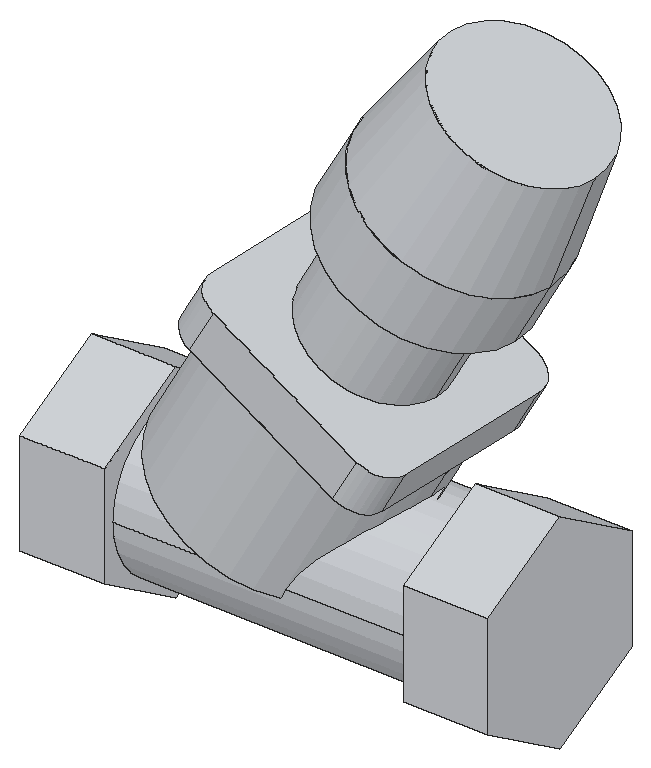
Revit family "OPTIMA_Compact_FF_DN20_5,0_RFA_2019", category Pipe Accessories, Revit 2019
Family settings
  Round Connector Dimension = Use Diameter
  Part Type = Valve - Breaks Into
  Work Plane-Based = No
  Always vertical = Yes
  Cut with Voids When Loaded = No
  Shared = No
Parameters (values of type "OPTIMA Compact DN20 F-F 5.0mm")
  magiProductId = "3fe8f468b8a34e8b9375925b2f5228"
  magiProductFamilyId = "52eeb9fa0c9d42c987a78ea14b42d3"
  magiPartTypeId = 304
  isMeasuringValve [instance] = no
  ang2D [instance] = 0.00°
  Z = 0 mm
  X = 10 mm
  W2D = 32 mm
  VersionID = "2.0/2018.8.28.1/FRESE_OPTIMA-COMPACT-FF_001"
  Use Minimum Symbol Size [instance] = yes
  URL = "www.hydronix.cz"
  Type Comments = "vnitřní závit; PN25; 0~120°C, bez měřicích vsuvek"
  R9 = 8 mm
  R8 = 14 mm
  R7 = 17 mm
  R6 = 12 mm
  R5 = 5 mm
  R4 = 19 mm
  R3 = 19 mm
  R2 = 13.5 mm
  R1 = 17.5 mm
  QmdConnectorList = "301;D;302;D"
  Productdata [instance] = ""
  PLG0 = no
  Manufacturer = "Hydronix"
  MC Product Code = "53-1348  (3/4\" F-F; 5.0mm; Qmin-dpmin 220l/h-16.0kPa; Qmax-dpmin 1330l/h-21.6Pa; dpmax 800kPa)"
  MC Piping Given Pressure Drop [instance] = 0.0 Pa
  LL = 39.5 mm
  L3 = 11 mm
  L2D_Min = 3048 mm
  L2D = 104 mm
  L2 = 50.56 mm
  L1__ve = -L1  # -14.22 mm
  L1 = 14.22 mm
  H6__ve = -H6  # -59.5 mm
  H6 = 59.5 mm
  H5 = 20 mm
  H4 = 12 mm
  H3 = 18 mm
  H2 = 8 mm
  H1 = 26 mm
  Description = "Tlakově nezávislý 2-cestný regulační vyvažovací ventil (PICV)"
  D = 20 mm
  CenSd_R1_6 = R1 * cos(30.00°)  # 15.155 mm
  A = 30.00°
Types (6, lengths in mm): name | magiProductId | Z | X | R4 | R3 | R2 | R1 | MC Product Code | LL | L3 | L2 | L1__ve | L1 | H6__ve | H6 | H3 | H2 | H1 | D | CenSd_R1_6
  OPTIMA Compact DN32 F-F 5.5mm | "b339906595e54d959f7e36e14a5078" | 1 | 13 | 29 | 31.5 | 22 | 26 | "53-1354  (5/4\" F-F; 5.5mm; Qmin-dpmin 550l/h-17.9kPa; Qmax-dpmin 4001l/h-28.0kPa; dpmax 800kPa)" | 52 | 12.5 | 66.56 | -18.72 | 18.72 | -68 | 68 | 16 | 10 | 46 | 32 | 22.517
  OPTIMA Compact DN15 F-F 2.5mm | "1f59e983221c4705b905dca277ac1b" | 0 | 7 | 19 | 19 | 12 | 15 | "53-1344  (1/2\" F-F; 2.5mm; Qmin-dpmin 100l/h-14.9kPa; Qmax-dpmin 575l/h-18.5kPa; dpmax 800kPa)" | 37.5 | 11 | 48 | -13.5 | 13.5 | -57 | 57 | 18 | 8 | 26 | 15 | 12.99
  OPTIMA Compact DN15 F-F 5.0mm | "ed735bb751334d9b9367ccb2001bd8" | 0 | 7 | 19 | 19 | 12 | 15 | "53-1345  (1/2\" F-F; 5.0mm; Qmin-dpmin 220l/h-16.0kPa; Qmax-dpmin 1330l/h-21.6Pa; dpmax 800kPa)" | 37.5 | 11 | 48 | -13.5 | 13.5 | -57 | 57 | 18 | 8 | 26 | 15 | 12.99
  OPTIMA Compact DN20 F-F 5.0mm | "3fe8f468b8a34e8b9375925b2f5228" | 0 | 10 | 19 | 19 | 13.5 | 17.5 | "53-1348  (3/4\" F-F; 5.0mm; Qmin-dpmin 220l/h-16.0kPa; Qmax-dpmin 1330l/h-21.6Pa; dpmax 800kPa)" | 39.5 | 11 | 50.56 | -14.22 | 14.22 | -59.5 | 59.5 | 18 | 8 | 26 | 20 | 15.155
  OPTIMA Compact DN20 F-F 5.5mm | "3f04956b0a9346f48e327241883a91" | 0 | 10 | 19 | 19 | 13.5 | 17.5 | "53-1318  (3/4\" F-F; 5.5mm; Qmin-dpmin 300l/h-17.8kPa; Qmax-dpmin 1800l/h-40.0Pa; dpmax 800kPa)" | 39.5 | 11 | 50.56 | -14.22 | 14.22 | -59.5 | 59.5 | 18 | 8 | 26 | 20 | 15.155
  OPTIMA Compact DN25 F-F 5.5mm | "a6a3417af38f4ebebee56b059e5e27" | 0 | 13 | 29 | 31.5 | 18.5 | 22 | "53-1353  (1\" F-F; 5.5mm; Qmin-dpmin 600l/h-17.3kPa; Qmax-dpmin 3609l/h-23.0Pa; dpmax 800kPa)" | 50 | 12.5 | 64 | -18 | 18 | -64 | 64 | 16 | 10 | 43 | 25 | 19.053
Reference planes
  plane 1 "Center (Front/Back)": y = 0
  plane 2 "XYPLANE": z = 0
  plane 3 "Center (Left/Right)": x = 0
  plane 4 "267": x = 11
  plane 5 "266": x = -11
  plane 6 "252": through (-607.519, 0, 447.746) normal (0.5, 0, 0.866)
  plane 7 "250": through (-617.519, 0, 430.426) normal (0.5, 0, 0.866)
  plane 8 "248": through (-623.519, 0, 420.033) normal (0.5, 0, 0.866)
  plane 9 "245": through (-632.519, 0, 404.445) normal (0.5, 0, 0.866)
  plane 10 "241": through (349.885, 0, 664.019) normal (0.866, 0, -0.5)
  plane 11 "240": through (382.794, 0, 645.019) normal (0.866, 0, -0.5)
  plane 12 "239": y = -19
  plane 13 "238": y = 19
  plane 14 "237": through (-636.519, 0, 397.517) normal (0.5, 0, 0.866)
  plane 15 "235": through (-649.519, 0, 375) normal (0.5, 0, 0.866)
  plane 16 "231": y = 0
  plane 17 "230": through (366.34, 0, 654.519) normal (0.866, 0, -0.5)
  plane 18 "211": x = -25.28
  plane 19 "204": x = 39.5
  plane 20 "203": x = -39.5
  plane 21 "202": x = 0
  plane 22 "201": z = 0
  plane 23 "200": y = 0
  plane 24 "227XY": through (-649.519, 0, 375) normal (0.5, 0, 0.866)
  plane 25 "227XZ": y = 0
  plane 26 "227YZ": through (375, 0, 649.519) normal (0.866, 0, -0.5)
Forms (mm)
  Extrusion 1, solid
    sketch origin (39.5, -750, 0) x (0, 1, 0) y (0, 0, 1)
      loop
        line (750, 17.5) -> (734.845, 8.75) -> (734.845, -8.75) -> (750, -17.5) -> (765.155, -8.75) -> (765.155, 8.75) -> (750, 17.5)
    from 0 to -14.22 <- "L1__ve"
  Extrusion 2, solid
    sketch origin (-39.5, -750, 0) x (0, 1, 0) y (0, 0, 1)
      loop
        line (750, 17.5) -> (734.845, 8.75) -> (734.845, -8.75) -> (750, -17.5) -> (765.155, -8.75) -> (765.155, 8.75) -> (750, 17.5)
    from 0 to 14.22 <- "L1"
  Extrusion 3, solid, visible <- "PLG0"
    sketch origin (-750, 0, 0) x (1, 0, 0) y (0, 1, 0)
      loop
        circle (761, 0) r 8
    from 0 to -59.5 <- "H6__ve"
  Extrusion 4, solid, visible <- "PLG0"
    sketch origin (-750, 0, 0) x (1, 0, 0) y (0, 1, 0)
      loop
        circle (739, 0) r 8
    from 0 to -59.5 <- "H6__ve"
  Blend 5, solid
    base sketch origin (-617.519, 0, 430.426) x (0.866025, 0, -0.5) y (0, 1, 0)
      loop
        circle (740, 0) r 17
    top sketch origin (-617.519, 0, 430.426) x (0.866025, 0, -0.5) y (0, 1, 0)
      loop
        circle (740, 0) r 14
    from 0 to 20
  Extrusion 6, solid
    sketch origin (-623.519, 0, 420.033) x (0.866025, 0, -0.5) y (0, 1, 0)
      loop
        circle (740, 0) r 17
    from 0 to 12 <- "H4"
  Extrusion 7, solid
    sketch origin (-632.519, 0, 404.445) x (0.866025, 0, -0.5) y (0, 1, 0)
      loop
        circle (740, 0) r 12
    from 0 to 18 <- "H3"
  Extrusion 8, solid
    sketch origin (-636.519, 0, 397.517) x (0.866025, 0, -0.5) y (0, 1, 0)
      loop
        arc (726, 19) -> (722.464, 17.536) -> (721, 14) r 5
        line (721, 14) -> (721, -14)
        arc (721, -14) -> (722.464, -17.536) -> (726, -19) r 5
        line (726, -19) -> (754, -19)
        arc (754, -19) -> (757.536, -17.536) -> (759, -14) r 5
        line (759, -14) -> (759, 14)
        arc (759, 14) -> (757.536, 17.536) -> (754, 19) r 5
        line (754, 19) -> (726, 19)
    from 0 to 8 <- "H2"
  Extrusion 9, solid
    sketch origin (-649.519, 0, 375) x (0.866025, 0, -0.5) y (0, 1, 0)
      loop
        circle (740, 0) r 19
    from 0 to 26 <- "H1"
  Extrusion 10, solid
    sketch origin (-25.28, -750, 0) x (0, 1, 0) y (0, 0, 1)
      loop
        circle (750, 0) r 13.5
    from 0 to 50.56 <- "L2"
  Extrusion 11, solid, not visible
    sketch origin (39.5, -750, 0) x (0, 1, 0) y (0, 0, 1)
      loop
        circle (750, 0) r 10
    from 0 to -10
  Extrusion 12, solid, not visible
    sketch origin (-39.5, -750, 0) x (0, 1, 0) y (0, 0, 1)
      loop
        circle (750, 0) r 10
    from 0 to 10
Lines and regions (mm)
  reference lines, not visible
    curve 1: circle (2, 2, 0) r 1 normal (0, 0, 1)
  reference lines
    curve 2: line (39.5, 0, 0) -> (39.5, -11.258, -6.5)
    curve 3: line (39.5, 0, 0) -> (39.5, 0, -13)
    curve 4: line (39.5, 0, 0) -> (39.5, 11.258, -6.5)
    curve 5: line (-39.5, 0, 0) -> (-39.5, 11.258, -6.5)
    curve 6: line (-39.5, 0, 0) -> (-39.5, 0, -13)
    curve 7: line (-39.5, 0, 0) -> (-39.5, -11.258, -6.5)
Dimensions and locks
  plane 1 "Center (Front/Back)" to curve 1 = 2 mm
  "L3": plane 3 "Center (Left/Right)" to plane 4 "267"
  "L3": plane 3 "Center (Left/Right)" to plane 5 "266"
  "H5": plane 7 "250" to plane 6 "252"
  "H4": plane 8 "248" to plane 7 "250"
  "H3": plane 9 "245" to plane 8 "248"
  "H2": plane 14 "237" to plane 9 "245"
  "R4": plane 17 "230" to plane 10 "241"
  "R4": plane 17 "230" to plane 11 "240"
  "R4": plane 23 "200" to plane 12 "239"
  "R4": plane 23 "200" to plane 13 "238"
  "H1": plane 15 "235" to plane 14 "237"
  "Z": plane 24 "227XY" to plane 15 "235"
  locked: plane 23 "200" to plane 16 "231"
  "X": plane 26 "227YZ" to plane 17 "230"
  "L1": plane 20 "203" to plane 18 "211"
  "LL": plane 3 "Center (Left/Right)" to plane 19 "204"
  "LL": plane 3 "Center (Left/Right)" to plane 20 "203"
  locked: plane 3 "Center (Left/Right)" to plane 21 "202"
  locked: plane 2 "XYPLANE" to plane 22 "201"
  locked: plane 1 "Center (Front/Back)" to plane 23 "200"
  "CenSd_R1_6": curve 2 to Extrusion 1 sketch curve  (x2)
  "CenSd_R1_6": curve 3 to Extrusion 1 sketch curve  (x2)
  "CenSd_R1_6": curve 4 to Extrusion 1 sketch curve  (x2)
  Extrusion 1 sketch curve to Extrusion 1 sketch curve = 0 mm  (x12)
  "CenSd_R1_6": curve 5 to Extrusion 2 sketch curve  (x2)
  "CenSd_R1_6": curve 6 to Extrusion 2 sketch curve  (x2)
  "CenSd_R1_6": curve 7 to Extrusion 2 sketch curve  (x2)
  Extrusion 2 sketch curve to Extrusion 2 sketch curve = 0 mm  (x12)
  Extrusion 8 sketch curve to Extrusion 8 sketch curve = 0 mm  (x16)
  "R9": radius of Extrusion 3 sketch curve
  "R9": radius of Extrusion 4 sketch curve
  "R8": radius of Blend 5 sketch curve
  "R7": radius of Blend 5 sketch curve
  "R7": radius of Extrusion 6 sketch curve
  "R6": radius of Extrusion 7 sketch curve
  "R5": radius of Extrusion 8 sketch curve  (x4)
  "R3": radius of Extrusion 9 sketch curve
  "R2": radius of Extrusion 10 sketch curve
  locked: curve 3 to curve 2 (angle 60.00°)
  locked: curve 4 to curve 3 (angle 60.00°)
  locked: curve 4 to curve 2 (angle 120.00°)
  locked: curve 6 to curve 5 (angle 60.00°)
  locked: curve 7 to curve 6 (angle 60.00°)
  locked: curve 7 to curve 5 (angle 120.00°)
  aligned and locked: level to plane 2 "XYPLANE"
  aligned and locked: plane 22 "201" to curve 4
  aligned and locked: curve 4 to plane 23 "200"
  aligned and locked: plane 22 "201" to curve 7
  aligned and locked: curve 7 to plane 23 "200"
  aligned and locked: plane 4 "267" to Extrusion 3 sketch curve
  aligned and locked: plane 23 "200" to Extrusion 3 sketch curve
  aligned and locked: plane 5 "266" to Extrusion 4 sketch curve
  aligned and locked: plane 23 "200" to Extrusion 4 sketch curve
  aligned and locked: plane 16 "231" to Blend 5 sketch curve  (x2)
  aligned and locked: Blend 5 sketch curve to plane 17 "230"  (x2)
  aligned and locked: plane 6 "252" to Blend 5
  aligned and locked: plane 16 "231" to Extrusion 6 sketch curve
  aligned and locked: Extrusion 6 sketch curve to plane 17 "230"
  aligned and locked: plane 16 "231" to Extrusion 7 sketch curve
  aligned and locked: Extrusion 7 sketch curve to plane 17 "230"
  aligned and locked: Extrusion 8 sketch curve to plane 10 "241"
  aligned and locked: Extrusion 8 sketch curve to plane 12 "239"
  aligned and locked: Extrusion 8 sketch curve to plane 11 "240"
  aligned and locked: plane 13 "238" to Extrusion 8 sketch curve
  aligned and locked: plane 16 "231" to Extrusion 9 sketch curve
  aligned and locked: Extrusion 9 sketch curve to plane 17 "230"
  aligned and locked: plane 22 "201" to Extrusion 10 sketch curve
  aligned and locked: Extrusion 10 sketch curve to plane 23 "200"
  aligned and locked: plane 22 "201" to Extrusion 11 sketch curve
  aligned and locked: Extrusion 11 sketch curve to plane 23 "200"
  aligned and locked: plane 22 "201" to Extrusion 12 sketch curve
  aligned and locked: Extrusion 12 sketch curve to plane 23 "200"
Automatic sketch dimensions
  plane 1 "Center (Front/Back)" to Extrusion 11 sketch curve = 10 mm
  plane 1 "Center (Front/Back)" to Extrusion 12 sketch curve = 10 mm
  plane 3 "Center (Left/Right)" to curve 1 = 2 mm
  radius of curve 1 = 1 mm
Connectors
  piping at (-39.5, 0, 0), diameter 20, driven by "D"
    settings: on Extrusion 12, index 1, connector inside diameter 609.6 mm, connector length 0 mm, flow factor 0, pipe flow 0.0 L/s, pressure drop 0.0 Pa, fitting loss kfactor 0, connector angle 0.00°, fixture units 0, engagement length 0 mm, angle of deflection 0.00°, flow configuration 0, flow direction 0, fitting loss method 0, system type 29, joint type 0, gender type 0, connector reference index 2, connector utility 0, adjustable connector no, is connector primary yes, connector description ""
  piping at (39.5, 0, 0), diameter 20, driven by "D"
    settings: on Extrusion 11, index 2, connector inside diameter 609.6 mm, connector length 0 mm, flow factor 0, pipe flow 0.0 L/s, pressure drop 0.0 Pa, fitting loss kfactor 0, connector angle 0.00°, fixture units 0, engagement length 0 mm, angle of deflection 0.00°, flow configuration 0, flow direction 0, fitting loss method 0, system type 29, joint type 0, gender type 0, connector reference index 1, connector utility 0, adjustable connector no, is connector primary no, connector description ""
